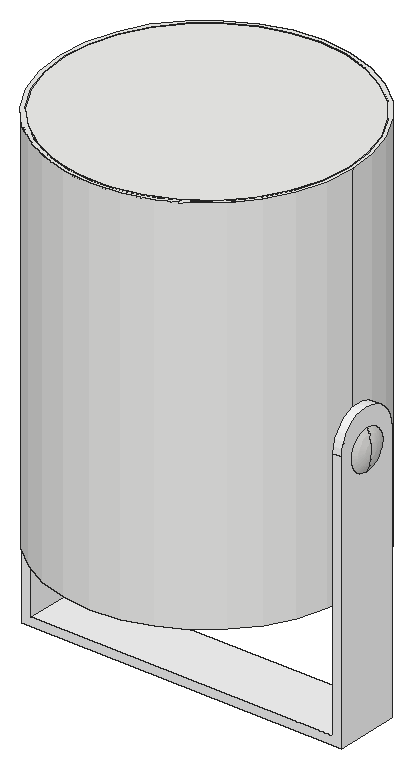
Revit family "Electronics_Commercial-Loudspeakers_Biamp_Compact-Sound-Projector_EN-MP5T20-W", category Communication Devices, host Face, Revit 2020
Family settings
  Host = Face
  Maintain Annotation Orientation = No
  Round Connector Dimension = Use Diameter
  Part Type = Normal
  OmniClass Number = 23.85.10.11.14.14.14
  OmniClass Title = Loudspeakers
  Cut with Voids When Loaded = No
  Shared = No
  Room Calculation Point = No
Parameters (values of type "EN-MP5T20-W")
  Vertical dispersion angle 1000 Hz = "180°"  # constant formula
  Operating temperatures = "-40°C to +100°C"  # constant formula
  Max SPL 1m in dB = "105.1"  # constant formula
  Woofer size in inch = "5.25"  # constant formula
  Mounting system = "2 screws"  # constant formula
  Main construction material = "Aluminium"  # constant formula
  Connector Description = "Conductor; 20-15-10-5 W 100V"  # constant formula
  Closest RAL colour (subject to deviations) = "RAL9010"  # constant formula
  Certificate ref = "1438/CPR/0356"  # constant formula
  Woofer cone material = "Coated paper"  # constant formula
  SPL 1W/1m in dB = "92.1"  # constant formula
  Loudspeaker system = "Full range"  # constant formula
  Weight = 5.46746 lbf  # constant formula
  Version = 1
  URL = "https://www.biamp.com/"
  Rotate angle [instance] = 90.00°
  Product data url = "https://bimobject.com/biamp/product/en-mp5t20_commercial-loudspeakers-en54-24"
  Product Page URL = "https://www.biamp.com/products/product-families/commercial-loudspeakers/en54-24#en-mp5t20"
  Product Documentation Link = "https://downloads.biamp.com/assets/docs/default-source/discontinued/biamp_data_sheet_en-mp5t20-w_aug20.pdf"
  Nom angle [instance] = if(or(Rotate angle < -120.00°, Rotate angle = -120.00°), -120.00°, if(and(Rotate angle > -120.00°, Rotate angle < 120.00°), Rotate angle, if(or(Rotate angle > 120.00°, Rotate angle = 120.00°), 120.00°, 0.00°)))  # 90.00°
  Model = "EN-MP5T20-W"  # constant formula
  Manufacturer = "Biamp"  # constant formula
  IP rating = "65"  # constant formula
  Housing Material = Biamp - Plastic - White
  Grill Material = Biamp - Plastic - White(Grid)
  Frequency response in Hz = "120 - 23 k"  # constant formula
  Diameter = 5.51181"  # constant formula
  Description = "EN-MP5T20-W EN54-24 Certified Compact Sound Projector 20W"  # constant formula
  Depth = 7.20472"  # constant formula
  Default Elevation = 48"
  Date Updated = ""
  Date Created = "2023/08/21"
  Colour = "White"  # constant formula
  100V transformer power taps in watts = "20 - 15 - 10 - 5"  # constant formula
Reference planes (in)
  plane 1 "Center (Front/Back)": y = 0
  plane 2: z = 0
  plane 3 "Center (Left/Right)": x = 0
  plane 4: z = 4.79325
Forms (in)
  Extrusion 1, solid, material "Biamp - Metal - White", detail levels medium+fine
    sketch origin (0, 0, 0) x (1, 0, 0) y (0, 0, 1)
      loop
        line (-2.85433, 0.15748) -> (-2.85433, 5.51181) -> (-3.01181, 5.51181) -> (-3.01181, 0) -> (3.01181, 0) -> (3.01181, 5.51181) -> (2.85433, 5.51181) -> (2.85433, 0.15748) -> (-2.85433, 0.15748)
    from -0.59055 to 0.59055
  Extrusion 2, void
    sketch origin (0, 0, 0) x (0, 1, 0) y (0, 0, 1)
      loop
        line (0.59055, 4.92126) -> (0.59055, 5.82076) -> (-0.59055, 5.82076) -> (-0.59055, 4.92126)
        arc (-0.59055, 4.92126) -> (0, 5.51181) -> (0.59055, 4.92126) r 0.59055
      loop
        circle (0, 4.79325) r 0.19685
    from -3.01181 to 3.01181
  Revolve 3, solid, material "Biamp - Metal - Silver", detail levels medium+fine
    sketch origin (0, 0, 0) x (1, 0, 0) y (0, 0, 1)
      loop
        line (-3.01181, 4.97133) -> (-3.01181, 5.16818)
        arc (-3.01181, 5.16818) -> (-3.08621, 4.98724) -> (-3.11158, 4.79325) r 0.75441
        line (-3.11158, 4.79325) -> (-2.76149, 4.79325) -> (-2.76149, 4.97133) -> (-3.01181, 4.97133)
      loop
        line (3.01181, 4.97133) -> (2.76149, 4.97133) -> (2.76149, 4.79325) -> (3.11158, 4.79325)
        arc (3.11158, 4.79325) -> (3.08621, 4.98724) -> (3.01181, 5.16818) r 0.75441
        line (3.01181, 5.16818) -> (3.01181, 4.97133)
      axis (-3.11158, 4.79325) -> (3.11158, 4.79325)
    angle from 0 to 360
  Extrusion 4, solid, material "Biamp - Metal - White", detail levels coarse
    sketch origin (0, 0, 0) x (1, 0, 0) y (0, 0, 1)
      loop
        line (-2.85433, 0.15748) -> (-2.85433, 5.51181) -> (-3.01181, 5.51181) -> (-3.01181, 0) -> (3.01181, 0) -> (3.01181, 5.51181) -> (2.85433, 5.51181) -> (2.85433, 0.15748) -> (-2.85433, 0.15748)
    from -0.59055 to 0.59055
Cuts and joins
  Extrusion 2 cuts Extrusion 1
Lines and regions (in)
  Masking region 1
    outline origin (0, 0, 0) x (1, 0, 0) y (0, 1, 0)
      loop
        line (-3.01181, 0.59055) -> (-3.01181, -0.59055) -> (-2.85433, -0.59055) -> (-2.85433, 0.59055) -> (-3.01181, 0.59055)
      loop
        line (2.85433, 0.59055) -> (2.85433, -0.59055) -> (3.01181, -0.59055) -> (3.01181, 0.59055) -> (2.85433, 0.59055)
  Masking region 2
    outline origin (0, 0, 0) x (1, 0, 0) y (0, 1, 0)
      loop
        line (-2.85433, 0.59055) -> (-2.85433, -0.59055) -> (2.85433, -0.59055) -> (2.85433, 0.59055) -> (-2.85433, 0.59055)
  reference lines
    curve 1: line (0, 0, 4.79325) -> (0, 0, 28.41529)
Dimensions and locks (in)
  "Rotate angle": angle plane 4 to curve 1
  aligned and locked: plane 2 to host face
  aligned and locked: level to host face
  aligned and locked: plane 4 to curve 1
  aligned and locked: plane 1 "Center (Front/Back)" to curve 1
Automatic sketch dimensions
  host sketch curve to host sketch curve = 96"  (x2)
  Extrusion 1 sketch curve to level = 0"
  plane 4 to Extrusion 1 sketch curve = 0.71856"  (x2)
  Extrusion 1 sketch curve to plane 3 "Center (Left/Right)" = 3.01181"
  Extrusion 1 sketch curve to Extrusion 1 sketch curve = 0.15748"  (x2)
  level to Extrusion 1 sketch curve = 0.15748"
  plane 3 "Center (Left/Right)" to Extrusion 1 sketch curve = 2.85433"
  Extrusion 2 sketch curve to plane 1 "Center (Front/Back)" = 0"  (x2)
  Extrusion 2 sketch curve to plane 4 = 0"
  plane 1 "Center (Front/Back)" to Extrusion 2 sketch curve = 0.59055"
  plane 4 to Extrusion 2 sketch curve = 0.12801"
  Extrusion 2 sketch curve to Extrusion 2 sketch curve = 0.8995"
  Revolve 3 sketch curve to plane 4 = 0"  (x3)
  Revolve 3 sketch curve to plane 3 "Center (Left/Right)" = 3.11158"
  Revolve 3 sketch curve to Revolve 3 sketch curve = 0.09977"  (x2)
  Revolve 3 sketch curve to Revolve 3 sketch curve = 0.25032"  (x2)
  Revolve 3 sketch curve to Revolve 3 sketch curve = 0.40432"  (x2)
  plane 3 "Center (Left/Right)" to Revolve 3 sketch curve = 2.35717"
  plane 4 to Revolve 3 sketch curve = 0.17809"  (x2)
  Revolve 3 sketch curve to Revolve 3 sketch curve = 0.08198"
  Revolve 3 sketch curve to Revolve 3 sketch curve = 0.14338"
  Extrusion 4 sketch curve to level = 0"
  plane 4 to Extrusion 4 sketch curve = 0.71856"  (x2)
  Extrusion 4 sketch curve to plane 3 "Center (Left/Right)" = 3.01181"
  Extrusion 4 sketch curve to Extrusion 4 sketch curve = 0.15748"  (x2)
  level to Extrusion 4 sketch curve = 0.15748"
  plane 3 "Center (Left/Right)" to Extrusion 4 sketch curve = 2.85433"
  plane 1 "Center (Front/Back)" to Masking region 1 sketch curve = 0.59055"  (x2)
  Masking region 1 sketch curve to plane 3 "Center (Left/Right)" = 3.01181"
  Masking region 1 sketch curve to Masking region 1 sketch curve = 0.15748"  (x2)
  Masking region 1 sketch curve to plane 1 "Center (Front/Back)" = 0.59055"  (x2)
  plane 3 "Center (Left/Right)" to Masking region 1 sketch curve = 2.85433"
  plane 1 "Center (Front/Back)" to Masking region 2 sketch curve = 0.59055"
  Masking region 2 sketch curve to plane 3 "Center (Left/Right)" = 2.85433"
  plane 3 "Center (Left/Right)" to Masking region 2 sketch curve = 2.85433"
  Masking region 2 sketch curve to plane 1 "Center (Front/Back)" = 0.59055"
  radius of Extrusion 2 sketch curve = 0.19685"
Nested families (in)
  nested 1: "MP5T20" at (0, 0, 2.23419), Grill Material <- "Grill Material", Housing Material <- "Housing Material", type "MP5T20"
    with Housing Material Biamp - Plastic - White, Grill Material Biamp - Plastic - White(Grid)
Connectors (in)
  electrical at (0, 0, 2.46275), driven by "Connector Description"
    settings: on nested 1, index 1, voltage 0 V, apparent load 0 VA, apparent load phase1 0 VA, apparent load phase2 0 VA, apparent load phase3 0 VA, power factor 1, load classification "Other", number of poles 1, system type 5, power factor state 1, is connector primary yes, connector utility no, sub classification motor no, connector description "Conductor; 20-15-10-5 W 100V"
Definition of nested family "MP5T20"
  Parameters (values of type "MP5T20")
    Housing Material [instance] = none
    Grill Material [instance] = none
    Default Elevation = 48"
  Reference planes (in)
    plane 1 "Center (Front/Back)": y = 0
    plane 2: z = 0
    plane 3 "Center (Left/Right)": x = 0
  Forms (in)
    Extrusion 1, solid, material <- "Housing Material", detail levels coarse
      sketch origin (0, 0, 0) x (1, 0, 0) y (0, 1, 0)
        loop
          circle (0, 0) r 2.75591
      from 0 to 7.20472
    Extrusion 2, solid, material <- "Housing Material", detail levels medium+fine
      sketch origin (0, 0, 0) x (1, 0, 0) y (0, 1, 0)
        loop
          circle (0, 0) r 2.75591
      from 0 to 7.20472
    Extrusion 3, void
      sketch origin (0, 0, 7.20472) x (1, 0, 0) y (0, 1, 0)
        loop
          circle (0, 0) r 2.67717
      from -0.29399 to 0
    Extrusion 4, solid, material <- "Grill Material", detail levels medium+fine
      sketch origin (0, 0, 6.91074) x (1, 0, 0) y (0, 1, 0)
        loop
          circle (0, 0) r 2.67717
      from 0 to 0.29399
    Extrusion 5, void
      sketch origin (0, 0, 0) x (0, 1, 0) y (1, 0, 0)
        loop
          circle (0, 0) r 0.3937
      from -0.22856 to 0
  Cuts and joins
    Extrusion 3, Extrusion 5 cuts Extrusion 2
    Extrusion 5 cuts Extrusion 1
  Lines and regions (in)
    Masking region 1
      outline origin (0, 0, 0) x (1, 0, 0) y (0, 1, 0)
        loop
          circle (0, 0) r 2.75591
        loop
          circle (0, 0) r 2.67717
    Masking region 2
      outline origin (0, 0, 0) x (1, 0, 0) y (0, 1, 0)
        loop
          circle (0, 0) r 2.67717
    Masking region 3
      outline origin (0, 0, 0) x (1, 0, 0) y (0, 0, 1)
        loop
          line (-2.75591, 7.20472) -> (-2.75591, 0) -> (2.75591, 0) -> (2.75591, 7.20472) -> (-2.75591, 7.20472)
  Dimensions and locks (in)
    aligned and locked: level to plane 2
